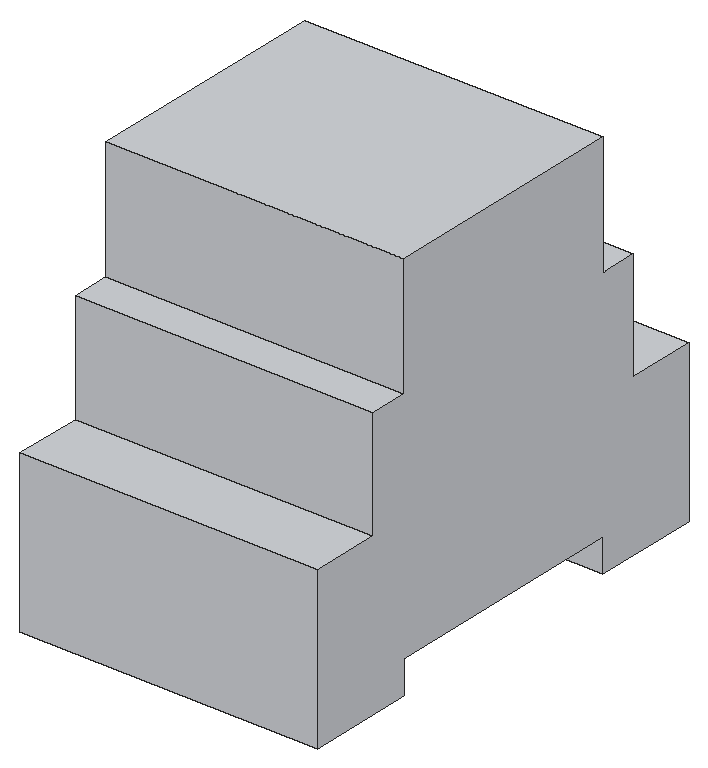
Revit family "Power-ModularDevices-GEWISS-90AM-TRANSFORMER_BELL_3M", category Apparecchi elettrici, host Superficie, Revit 2016
Family settings
  Host = Superficie
  Mantenere orientamento annotazione = Sì
  Tipo di parte = Normale
  Quota connettore circolare = Usa diametro
  Numero OmniClass = 23.80.50.00
  Titolo OmniClass = Terminals for Power Supply
  Taglio con vuoti quando caricato = No
  Condiviso = No
  Punto di calcolo locali = Sì
Parameters (values of type "GW96434 - BELL TRANSFORMER 40VA T.P.230V T.S.24V")
  potenza in watt = 0 V
  carico = Altro
  Version file RFA = "18.0"
  URL = "https://www.gewiss.com/ww/en"
  Technical sheet = "https://www.gewiss.com/ww/en/search?q=GW96434"
  Spostamento_x = -3300 mm
  Secondary voltage = "12+12=24 V"
  SS [instance] = 69.967 mm
  SIMBOLO IN PIANTA [instance] = yes
  SEO = "Transformer"
  Realized by GEWISS S.p.A. = ""
  Rated power: = "40 VA (24 V)/20 VA (12 V)"
  Default Elevation = 1219.2 mm
  Produttore = "GEWISS S.p.A."
  Primary voltage = "230V"
  Power = "40VA (24V)/20VA (12V)"
  Operation = "Intermittent"
  Numero di poli = 1
  Spost_x_eff [instance] = 4000 mm + Spostamento_x  # 700 mm
  No. of modules EN 50022 = "3"
  No. Chorus modules = "3"
  Modello = "GW96434"
  Immagine tipo = GW96433.jpg
  IFC.TypeObject = ""
  IFC.ExportType = ""
  IFC.ExportAs = ""
  IDT = "be1f04d5-2035-480f-a688-5e0ac10cfa0d"
  IDF = "4f95a082-cf0f-486c-8155-70e44cc748f8"
  Electrocod = "140"
  EAN code = "8011564063792"
  Descrizione = "BELL TRANSFORMER 40VA T.P.230V T.S.24V"
  Catalogue Range = "90 AM"
  Catalogue = "POWER"
  COBie.Tagnumber = ""
  COBie.CreatedOn = ""
  COBie.CreatebBy = ""
  COBie.ComponentRegisterItemID = ""
  COBie.Component.TagNumber = ""
  COBie.Component.Space = ""
  COBie.Component.SerialNumber = ""
  COBie.Component.InstallationDate = ""
  COBie.Component.Description = ""
  COBie.Component.BarCode = ""
  Barra_DIN = 0 mm
Types (5, lengths in mm): name | URL | Technical sheet | Secondary voltage | Rated power: | Produttore | Power | Modello | IDT | EAN code | Descrizione
  (no name) | 0 | "" | "" | "" | 0 | "" | 0 | "" | "" | 0
  GW96434 - BELL TRANSFORMER 40VA T.P.230V T.S.24V | "https://www.gewiss.com/ww/en" | "https://www.gewiss.com/ww/en/search?q=GW96434" | "12+12=24 V" | "40 VA (24 V)/20 VA (12 V)" | "GEWISS S.p.A." | "40VA (24V)/20VA (12V)" | "GW96434" | "be1f04d5-2035-480f-a688-5e0ac10cfa0d" | "8011564063792" | "BELL TRANSFORMER 40VA T.P.230V T.S.24V"
  GW96433 - BELL TRANSFORMER 40VA T.P.230V T.S.12V | "https://www.gewiss.com/ww/en" | "https://www.gewiss.com/ww/en/search?q=GW96433" | "4+8=12 V" | "40 VA (12 V)/27 VA (8 V)/13 VA (4 V)" | "GEWISS S.p.A." | "40VA (12V)/27VA (8V)/13VA (4V)" | "GW96433" | "ff3ecc4b-7e54-45da-9c81-de99f74337c9" | "8011564063785" | "BELL TRANSFORMER 40VA T.P.230V T.S.12V"
  GW96432 - BELL TRANSFORMER 30VA T.P.230V T.S.24V | "https://www.gewiss.com/ww/en" | "https://www.gewiss.com/ww/en/search?q=GW96432" | "12+12=24 V" | "30 VA (24 V)/15 VA (12 V)" | "GEWISS S.p.A." | "30VA (24V)/15VA (12V)" | "GW96432" | "235606ae-c058-4ad9-9cb9-4e1834d45e8e" | "8011564063778" | "BELL TRANSFORMER 30VA T.P.230V T.S.24V"
  GW96431 - BELL TRANSFORMER 30VA T.P.230V T.S.12V | "https://www.gewiss.com/ww/en" | "https://www.gewiss.com/ww/en/search?q=GW96431" | "4+8=12 V" | "30 VA (12 V)/20 VA (8 V)/10 VA (4 V)" | "GEWISS S.p.A." | "30VA (12V)/20VA (8V)/10VA (4V)" | "GW96431" | "f2592276-b03c-4901-82a8-845d0789b7b5" | "8011564063761" | "BELL TRANSFORMER 30VA T.P.230V T.S.12V"
Values of the unnamed type that differ from the named types
  Version file RFA = ""
  SEO = ""
  Primary voltage = ""
  Operation = ""
  No. of modules EN 50022 = ""
  No. Chorus modules = ""
  IDF = ""
  Electrocod = ""
  Catalogue Range = ""
  Catalogue = ""
Reference planes
  plane 1 "Centro (Fronte/Retro)": y = 0
  plane 2: z = 0
  plane 3 "Centro (Sinistra/Destra)": x = 0
  plane 4: z = 0
  plane 5: x = -700
  plane 6: x = 0
  plane 7: y = 69.967
Dimensions and locks
  "Barra_DIN": host face to plane 4
  "Spost_x_eff": plane 5 to plane 6
  "SS": plane 1 "Centro (Fronte/Retro)" to plane 7
  aligned and locked: plane 2 to host face
  aligned and locked: level to host face
  aligned and locked: plane 6 to nested 1
  aligned and locked: nested 1 to plane 7
  aligned and locked: plane 3 "Centro (Sinistra/Destra)" to nested 2
  aligned and locked: plane 1 "Centro (Fronte/Retro)" to nested 2
Automatic sketch dimensions
  host sketch curve to host sketch curve = 6519.2 mm
  host sketch curve to host sketch curve = 4328.142 mm
Nested families
  nested 1: "INTTRASF" at (0, 69.967, 0), visible <- "SIMBOLO IN PIANTA", type "INTTRASF"
  nested 2: "GENERICO - 90AM TRASFORMATORI X SUONERIE 3M" at (0, 0, 0), type "GENERICO - 90AM TRASFORMATORI X SUONERIE 3M"
Definition of nested family "GENERICO - 90AM TRASFORMATORI X SUONERIE 3M"
  Parameters (values of type "GENERICO - 90AM TRASFORMATORI X SUONERIE 3M")
    h_barra din = if(Altezza barre = 1 mm, 69.9 mm, if(Altezza barre = 2 mm, 115.8 mm, 0 mm))  # 0 mm
    TIPO = 15
    H = if(AB_O = 1, AB_V, if(AB_O = 2, AB_H, 50.8 mm))  # 50.8 mm
    Dist barra din = 0 mm  # constant formula
    C1 = 49 mm  # constant formula
    C = 65 mm  # constant formula
    B = 84 mm  # constant formula
    Altezza barre = 5 mm  # constant formula
    AB_V = 3 mm  # constant formula
    AB_H = 5 mm  # constant formula
    AB_O = 0  # constant formula
    A2 = 12.5 mm  # constant formula
    A = 36 mm  # constant formula
  Reference planes
    plane 1 "Centro (Fronte/Retro)": y = 0
    plane 2: z = 0
    plane 3 "Centro (Sinistra/Destra)": x = 0
    plane 4: y = -42
    plane 5: y = 42
    plane 6: z = 0
    plane 7: z = -6
    plane 8 "top": z = 65
    plane 9 "incasso": z = 43
    plane 10: y = -22.5
    plane 11: y = 22.5
    plane 12: x = -18
    plane 13: x = 18
    plane 14: through (4267.2, -42.5, 9) normal (0, -0.1901, 0.9818)
    plane 15 "retro": z = 23
    plane 16: y = -29.5
    plane 17: y = 29.5
  Forms (mm)
    Extrusion 1, solid
      sketch origin (0, 0, 0) x (0, 1, 0) y (0, 0, 1)
        loop
          line (-22.5, 0) -> (22.5, 0) -> (22.5, -6) -> (42, -6) -> (42, 23) -> (29.5, 23) -> (29.5, 43) -> (22.5, 43) -> (22.5, 65) -> (-22.5, 65) -> (-22.5, 43) -> (-29.5, 43) -> (-29.5, 23) -> (-42, 23) -> (-42, -6) -> (-22.5, -6) -> (-22.5, 0)
      from -27 to 27
  Lines and regions (mm)
    symbolic lines
      curve 1: line (0, 0, 15) -> (0, 0, -6)
      curve 2: line (0, -22.5, 0) -> (0, 22.5, 0)
    model lines, detail levels medium+fine
      curve 3: line (-22.655, -18.396, 65) -> (-22.655, -20.411, 65)
      curve 4: line (-22.655, -20.411, 65) -> (-23.33, -20.411, 65)
      curve 5: line (-23.33, -20.411, 65) -> (-23.722, -20.362, 65)
      curve 6: line (-23.722, -20.362, 65) -> (-24.201, -20.15, 65)
      curve 7: line (-24.201, -20.15, 65) -> (-24.582, -19.797, 65)
      curve 8: line (-24.582, -19.797, 65) -> (-24.834, -19.321, 65)
      curve 9: line (-24.834, -19.321, 65) -> (-24.912, -18.814, 65)
      curve 10: line (-24.912, -18.814, 65) -> (-24.836, -18.346, 65)
      curve 11: line (-24.836, -18.346, 65) -> (-24.634, -17.934, 65)
      curve 12: line (-24.634, -17.934, 65) -> (-24.271, -17.558, 65)
      curve 13: line (-24.271, -17.558, 65) -> (-23.831, -17.33, 65)
      curve 14: line (-23.831, -17.33, 65) -> (-23.337, -17.248, 65)
      curve 15: line (-23.337, -17.248, 65) -> (-22.655, -17.248, 65)
      curve 16: line (-22.655, -17.248, 65) -> (-22.655, -18.117, 65)
      curve 17: line (-22.655, -18.117, 65) -> (-23.802, -18.117, 65)
      curve 18: line (-23.802, -18.117, 65) -> (-23.802, -19.542, 65)
      curve 19: line (-23.802, -19.542, 65) -> (-23.523, -19.542, 65)
      curve 20: line (-23.523, -19.542, 65) -> (-23.523, -18.396, 65)
      curve 21: line (-23.523, -18.396, 65) -> (-22.655, -18.396, 65)
      curve 22: line (-19.926, -20.411, 65) -> (-22.377, -20.411, 65)
      curve 23: line (-22.377, -20.411, 65) -> (-22.377, -17.248, 65)
      curve 24: line (-22.377, -17.248, 65) -> (-21.073, -17.248, 65)
      curve 25: line (-21.073, -17.248, 65) -> (-21.073, -18.117, 65)
      curve 26: line (-21.073, -18.117, 65) -> (-21.508, -18.117, 65)
      curve 27: line (-21.508, -18.117, 65) -> (-21.508, -18.395, 65)
      curve 28: line (-21.508, -18.395, 65) -> (-19.927, -18.395, 65)
      curve 29: line (-19.927, -18.395, 65) -> (-19.927, -19.264, 65)
      curve 30: line (-19.927, -19.264, 65) -> (-21.508, -19.264, 65)
      curve 31: line (-21.508, -19.264, 65) -> (-21.508, -19.542, 65)
      curve 32: line (-21.508, -19.542, 65) -> (-19.926, -19.542, 65)
      curve 33: line (-19.926, -19.542, 65) -> (-19.926, -20.411, 65)
      curve 34: line (-15.495, -20.411, 65) -> (-15.495, -18.395, 65)
      curve 35: line (-15.495, -18.395, 65) -> (-16.364, -18.395, 65)
      curve 36: line (-16.364, -18.395, 65) -> (-16.364, -20.411, 65)
      curve 37: line (-16.364, -20.411, 65) -> (-15.495, -20.411, 65)
      curve 38: line (-18.406, -20.411, 65) -> (-18.145, -19.108, 65)
      curve 39: line (-18.145, -19.108, 65) -> (-17.884, -20.411, 65)
      curve 40: line (-17.884, -20.411, 65) -> (-17.015, -20.411, 65)
      curve 41: line (-17.015, -20.411, 65) -> (-16.477, -18.117, 65)
      curve 42: line (-16.477, -18.117, 65) -> (-15.495, -18.117, 65)
      curve 43: line (-15.495, -18.117, 65) -> (-15.495, -17.248, 65)
      curve 44: line (-15.495, -17.248, 65) -> (-17.163, -17.248, 65)
      curve 45: line (-17.163, -17.248, 65) -> (-17.476, -18.586, 65)
      curve 46: line (-17.476, -18.586, 65) -> (-17.693, -17.248, 65)
      curve 47: line (-17.693, -17.248, 65) -> (-18.597, -17.248, 65)
      curve 48: line (-18.597, -17.248, 65) -> (-18.814, -18.586, 65)
      curve 49: line (-18.814, -18.586, 65) -> (-19.127, -17.248, 65)
      curve 50: line (-19.127, -17.248, 65) -> (-20.795, -17.248, 65)
      curve 51: line (-20.795, -17.248, 65) -> (-20.795, -18.117, 65)
      curve 52: line (-20.795, -18.117, 65) -> (-19.813, -18.117, 65)
      curve 53: line (-19.813, -18.117, 65) -> (-19.276, -20.411, 65)
      curve 54: line (-19.276, -20.411, 65) -> (-18.406, -20.411, 65)
      curve 55: line (-12.766, -17.248, 65) -> (-15.217, -17.248, 65)
      curve 56: line (-15.217, -17.248, 65) -> (-15.217, -19.264, 65)
      curve 57: line (-15.217, -19.264, 65) -> (-13.635, -19.264, 65)
      curve 58: line (-13.635, -19.264, 65) -> (-13.635, -19.542, 65)
      curve 59: line (-13.635, -19.542, 65) -> (-15.217, -19.542, 65)
      curve 60: line (-15.217, -19.542, 65) -> (-15.217, -20.411, 65)
      curve 61: line (-15.217, -20.411, 65) -> (-12.766, -20.411, 65)
      curve 62: line (-12.766, -20.411, 65) -> (-12.766, -18.395, 65)
      curve 63: line (-12.766, -18.395, 65) -> (-14.348, -18.395, 65)
      curve 64: line (-14.348, -18.395, 65) -> (-14.348, -18.117, 65)
      curve 65: line (-14.348, -18.117, 65) -> (-12.766, -18.117, 65)
      curve 66: line (-12.766, -18.117, 65) -> (-12.766, -17.248, 65)
      curve 67: line (-12.488, -17.248, 65) -> (-12.488, -19.264, 65)
      curve 68: line (-12.488, -19.264, 65) -> (-11.013, -19.264, 65)
      curve 69: line (-11.013, -19.264, 65) -> (-11.013, -19.542, 65)
      curve 70: line (-11.013, -19.542, 65) -> (-12.488, -19.542, 65)
      curve 71: line (-12.488, -19.542, 65) -> (-12.488, -20.411, 65)
      curve 72: line (-12.488, -20.411, 65) -> (-11.619, -20.411, 65)
      curve 73: line (-11.619, -20.411, 65) -> (-11.117, -20.25, 65)
      curve 74: line (-11.117, -20.25, 65) -> (-10.794, -20.039, 65)
      curve 75: line (-10.794, -20.039, 65) -> (-10.423, -19.584, 65)
      curve 76: line (-10.423, -19.584, 65) -> (-10.25, -19.074, 65)
      curve 77: line (-10.25, -19.074, 65) -> (-10.245, -18.621, 65)
      curve 78: line (-10.245, -18.621, 65) -> (-10.292, -18.395, 65)
      curve 79: line (-10.292, -18.395, 65) -> (-11.619, -18.395, 65)
      curve 80: line (-11.619, -18.395, 65) -> (-11.619, -18.117, 65)
      curve 81: line (-11.619, -18.117, 65) -> (-10.411, -18.117, 65)
      curve 82: line (-10.411, -18.117, 65) -> (-10.568, -17.855, 65)
      curve 83: line (-10.568, -17.855, 65) -> (-10.794, -17.62, 65)
      curve 84: line (-10.794, -17.62, 65) -> (-11.108, -17.414, 65)
      curve 85: line (-11.108, -17.414, 65) -> (-11.437, -17.294, 65)
      curve 86: line (-11.437, -17.294, 65) -> (-11.806, -17.248, 65)
      curve 87: line (-11.806, -17.248, 65) -> (-12.488, -17.248, 65)
      curve 88: circle (-22.257, -35.192, 23) r 2.5 normal (0, 0, 1)
      curve 89: circle (-15.934, -35.192, 23) r 2.5 normal (0, 0, 1)
      curve 90: circle (-9.445, -35.192, 23) r 2.5 normal (0, 0, 1)
      curve 91: circle (-3.122, -35.192, 23) r 2.5 normal (0, 0, 1)
      curve 92: circle (-22.257, 35.774, 23) r 2.5 normal (0, 0, 1)
      curve 93: circle (-15.934, 35.774, 23) r 2.5 normal (0, 0, 1)
      curve 94: circle (-9.445, 35.774, 23) r 2.5 normal (0, 0, 1)
      curve 95: circle (-3.122, 35.774, 23) r 2.5 normal (0, 0, 1)
      curve 96: circle (3.163, -35.192, 23) r 2.5 normal (0, 0, 1)
      curve 97: circle (9.487, -35.192, 23) r 2.5 normal (0, 0, 1)
      curve 98: circle (15.976, -35.192, 23) r 2.5 normal (0, 0, 1)
      curve 99: circle (21.987, -35.192, 23) r 2.5 normal (0, 0, 1)
      curve 100: circle (3.163, 35.774, 23) r 2.5 normal (0, 0, 1)
      curve 101: circle (9.487, 35.774, 23) r 2.5 normal (0, 0, 1)
      curve 102: circle (15.976, 35.774, 23) r 2.5 normal (0, 0, 1)
      curve 103: circle (21.987, 35.774, 23) r 2.5 normal (0, 0, 1)
  Text (mm)
    text "AB_V" at (0, 50.868, 44.72), in view "Destra"
    text "AB_O" at (0, -80.659, 111.963), in view "Destra"
  Dimensions and locks
    equal spacing: plane 4, plane 1 "Centro (Fronte/Retro)", plane 5
    "B": plane 4 to plane 5
    "Dist barra din": plane 6 to level
    locked: plane 6 to plane 7 at 6
    "C": plane 8 "top" to plane 6
    equal spacing: plane 10, plane 1 "Centro (Fronte/Retro)", plane 11
    plane 10 to plane 11 = 45 mm
    equal spacing: plane 12, plane 3 "Centro (Sinistra/Destra)", plane 13
    "A": plane 12 to plane 13
    "C1": plane 9 "incasso" to plane 7
    "A2": plane 4 to plane 16
    "A2": plane 17 to plane 5
    angle level to plane 14 = 10.9557°
    angle plane 4 to plane 8 "top" = 90.00°
    aligned and locked: level to plane 2
    aligned and locked: Extrusion 1 sketch curve to plane 6
    aligned and locked: Extrusion 1 sketch curve to plane 7
    aligned and locked: Extrusion 1 sketch curve to plane 4
    aligned and locked: Extrusion 1 sketch curve to plane 11  (x2)
    aligned and locked: Extrusion 1 sketch curve to plane 10
    aligned and locked: plane 1 "Centro (Fronte/Retro)" to curve 1
    aligned and locked: Extrusion 1 to plane 6
    aligned and locked: plane 10 to Extrusion 1 sketch curve
    aligned and locked: Extrusion 1 sketch curve to plane 9 "incasso"
    aligned and locked: plane 9 "incasso" to Extrusion 1 sketch curve
    aligned and locked: Extrusion 1 sketch curve to plane 5
    aligned and locked: Extrusion 1 sketch curve to plane 16
    aligned and locked: Extrusion 1 sketch curve to plane 17
    aligned and locked: Extrusion 1 sketch curve to plane 15 "retro"
    aligned and locked: plane 15 "retro" to Extrusion 1 sketch curve
  Automatic sketch dimensions
    Extrusion 1 sketch curve to plane 7 = 0 mm
    Extrusion 1 sketch curve to plane 8 "top" = 0 mm
    curve 2 to level = 0 mm
    curve 2 to plane 10 = 0 mm
    curve 2 to plane 11 = 0 mm
    curve 1 to plane 7 = 0 mm
    plane 15 "retro" to curve 1 = 8 mm
    plane 10 to curve 87 = 5.252 mm
    curve 55 to curve 67 = 0 mm
    curve 46 to curve 55 = 0 mm
    curve 46 to curve 45 = 0 mm
    curve 25 to curve 47 = 0 mm
    curve 24 to curve 51 = 0 mm
    curve 16 to curve 23 = 0 mm
    curve 86 to curve 86 = 0.045 mm
    curve 14 to curve 13 = 0.081 mm
    curve 85 to curve 85 = 0.12 mm
    curve 13 to curve 13 = 0.228 mm
    curve 84 to curve 84 = 0.207 mm
    curve 83 to curve 83 = 0.234 mm
    curve 12 to plane 12 = 6.634 mm
    curve 12 to curve 12 = 0.376 mm
    curve 24 to curve 25 = 0.869 mm
    curve 25 to curve 52 = 0 mm
    curve 55 to curve 65 = 0.869 mm
    curve 44 to curve 41 = 0.869 mm
    curve 15 to curve 16 = 0.869 mm
    curve 82 to curve 82 = 0.263 mm
    curve 11 to plane 12 = 6.836 mm
    curve 12 to curve 11 = 0.412 mm
    curve 52 to curve 29 = 0.278 mm
    curve 64 to curve 64 = 0.278 mm
    curve 42 to curve 34 = 0.278 mm
    curve 81 to curve 78 = 0.278 mm
    curve 17 to curve 20 = 0.278 mm
    curve 52 to curve 48 = 0.469 mm
    curve 41 to curve 45 = 0.469 mm
    curve 78 to curve 78 = 0.225 mm
    curve 10 to plane 12 = 6.912 mm
    curve 10 to curve 10 = 0.468 mm
    curve 77 to curve 77 = 0.453 mm
    curve 48 to curve 39 = 0.521 mm
    curve 63 to curve 57 = 0.869 mm
    curve 62 to curve 67 = 0.869 mm
    curve 27 to curve 30 = 0.869 mm
    curve 9 to curve 8 = 0.507 mm
    curve 30 to curve 32 = 0.278 mm
    curve 56 to curve 60 = 0.278 mm
    curve 67 to curve 71 = 0.278 mm
    curve 8 to curve 18 = 0.222 mm
    curve 76 to curve 75 = 0.51 mm
    curve 8 to curve 8 = 0.476 mm
    curve 69 to curve 74 = 0.497 mm
    curve 7 to curve 6 = 0.353 mm
    curve 74 to curve 73 = 0.211 mm
    curve 6 to curve 5 = 0.212 mm
    curve 5 to curve 5 = 0.049 mm
    curve 73 to curve 73 = 0.161 mm
    curve 59 to curve 37 = 0.869 mm
    curve 41 to curve 36 = 0 mm
    curve 61 to curve 71 = 0 mm
    curve 3 to curve 22 = 0 mm
    curve 54 to curve 39 = 0 mm
    curve 9 to curve 9 = 0.078 mm
    curve 8 to curve 7 = 0.252 mm
    curve 11 to curve 13 = 0.363 mm
    curve 7 to curve 6 = 0.381 mm
    curve 12 to curve 13 = 0.439 mm
    curve 12 to curve 17 = 0.468 mm
    curve 6 to curve 5 = 0.479 mm
    curve 17 to curve 21 = 0.279 mm
    curve 13 to curve 14 = 0.494 mm
    curve 5 to curve 5 = 0.392 mm
    curve 4 to curve 3 = 0.675 mm
    curve 14 to curve 16 = 0.682 mm
    curve 3 to curve 23 = 0.278 mm
    curve 3 to curve 28 = 1.147 mm
    curve 27 to curve 31 = 0.001 mm
    curve 26 to curve 25 = 0.435 mm
    curve 25 to curve 52 = 0.278 mm
    curve 51 to curve 29 = 0.869 mm
    curve 29 to curve 32 = 0 mm
    curve 28 to curve 52 = 0.113 mm
    curve 22 to curve 53 = 0.651 mm
    curve 52 to curve 50 = 0.686 mm
    curve 52 to curve 48 = 0.999 mm
    curve 49 to curve 48 = 0.53 mm
    curve 53 to curve 38 = 0.87 mm
    curve 48 to curve 38 = 0.669 mm
    curve 38 to curve 40 = 0.521 mm
    curve 47 to curve 47 = 0.904 mm
    curve 38 to curve 45 = 0.669 mm
    curve 46 to curve 44 = 0.53 mm
    curve 39 to curve 40 = 0.869 mm
    curve 46 to curve 41 = 0.999 mm
    curve 41 to curve 36 = 0.113 mm
    curve 36 to curve 37 = 0.869 mm
    curve 43 to curve 34 = 0 mm
    curve 34 to curve 57 = 0.278 mm
    curve 60 to curve 56 = 0 mm
    curve 34 to curve 63 = 1.147 mm
    curve 63 to curve 59 = 0.713 mm
    curve 64 to curve 66 = 1.581 mm
    curve 58 to curve 61 = 0.869 mm
    curve 61 to curve 70 = 0.278 mm
    curve 68 to curve 70 = 0 mm
    curve 67 to curve 87 = 0.682 mm
    curve 71 to curve 72 = 0.869 mm
    curve 62 to curve 79 = 1.147 mm
    curve 86 to curve 85 = 0.369 mm
    curve 72 to curve 74 = 0.502 mm
    curve 85 to curve 84 = 0.329 mm
    curve 73 to curve 68 = 0.104 mm
    curve 84 to curve 83 = 0.315 mm
    curve 73 to curve 75 = 0.324 mm
    curve 83 to curve 82 = 0.226 mm
    curve 74 to curve 76 = 0.371 mm
    curve 82 to curve 82 = 0.157 mm
    curve 81 to curve 79 = 0.118 mm
    curve 75 to curve 76 = 0.172 mm
    curve 78 to curve 77 = 0.047 mm
    curve 89 to plane 3 "Centro (Sinistra/Destra)" = 15.934 mm
    curve 90 to plane 3 "Centro (Sinistra/Destra)" = 9.445 mm
    curve 91 to plane 13 = 21.122 mm
    plane 16 to curve 88 = 5.692 mm
    plane 16 to curve 91 = 5.692 mm
    plane 16 to curve 90 = 5.692 mm
    plane 16 to curve 89 = 5.692 mm
    curve 88 to plane 12 = 4.257 mm
    curve 92 to plane 12 = 4.257 mm
    curve 93 to plane 3 "Centro (Sinistra/Destra)" = 15.934 mm
    curve 94 to plane 3 "Centro (Sinistra/Destra)" = 9.445 mm
    curve 95 to plane 13 = 21.122 mm
    curve 93 to plane 5 = 6.226 mm
    curve 94 to plane 5 = 6.226 mm
    curve 95 to plane 5 = 6.226 mm
    curve 92 to plane 5 = 6.226 mm
    Extrusion 1 to curve 97 = 5.692 mm
    Extrusion 1 to curve 98 = 5.692 mm
    Extrusion 1 to curve 99 = 5.013 mm
    Extrusion 1 to curve 99 = 5.692 mm
    Extrusion 1 to curve 96 = 5.692 mm
    Extrusion 1 to curve 101 = 17.513 mm
    curve 101 to Extrusion 1 = 65.274 mm
    curve 101 to curve 102 = 0 mm
    Extrusion 1 to curve 103 = 5.013 mm
    curve 102 to curve 103 = 0 mm
    curve 100 to curve 101 = 0 mm
    Extrusion 1 to curve 98 = 11.024 mm
    Extrusion 1 to curve 102 = 11.024 mm
    curve 98 to curve 97 = 6.489 mm
    curve 101 to curve 100 = 6.323 mm
    curve 97 to curve 96 = 6.323 mm
    radius of curve 88 = 2.5 mm
    radius of curve 89 = 2.5 mm
    radius of curve 90 = 2.5 mm
    radius of curve 91 = 2.5 mm
    radius of curve 92 = 2.5 mm
    radius of curve 93 = 2.5 mm
    radius of curve 94 = 2.5 mm
    radius of curve 95 = 2.5 mm
    radius of curve 96 = 2.5 mm
    radius of curve 97 = 2.5 mm
    radius of curve 98 = 2.5 mm
    radius of curve 99 = 2.5 mm
    radius of curve 100 = 2.5 mm
    radius of curve 101 = 2.5 mm
    radius of curve 102 = 2.5 mm
    radius of curve 103 = 2.5 mm
Definition of nested family "INTTRASF"
  Reference planes
    plane 1: y = 0
    plane 2: x = 0
  Lines and regions (mm)
    detail lines, not visible
      curve 1: line (0, 0, 0) -> (-0.001, 3.334, 0)
      curve 2: line (0.277, 3.334, 0) -> (-0.278, 3.334, 0)
      curve 3: line (-0.278, 3.334, 0) -> (-0.001, 4.223, 0)
      curve 4: line (-0.001, 4.223, 0) -> (0.277, 3.334, 0)
      curve 5: line (0.277, 3.334, 0) -> (-0.001, 4.223, 0)
      curve 6: line (-0.001, 4.223, 0) -> (-0.278, 3.334, 0)
      curve 7: line (-0.278, 3.334, 0) -> (0.277, 3.334, 0)
      curve 8: line (0.277, 3.334, 0) -> (-0.001, 4.223, 0)
      curve 9: line (-0.001, 4.223, 0) -> (-0.278, 3.334, 0)
      curve 10: line (-0.445, 4.612, 0) -> (0.444, 4.612, 0)
      curve 11: line (0.444, 4.612, 0) -> (0.444, 2.39, 0)
      curve 12: line (0.444, 2.39, 0) -> (-0.445, 2.389, 0)
      curve 13: line (-0.445, 2.389, 0) -> (-0.445, 4.612, 0)
      curve 14: line (5.101, 5.36, 0) -> (5.101, 6.027, 0)
      curve 15: line (4.934, 5.36, 0) -> (5.268, 5.36, 0)
      curve 16: line (4.545, 5.249, 0) -> (5.101, 4.082, 0)
      curve 17: line (5.101, 4.082, 0) -> (5.101, 1.026, 0)
    detail lines
      curve 18: circle (-0.035, 2.652, 0) r 1.22 normal (0, 0, 1)
      curve 19: circle (-0.035, 4.511, 0) r 1.22 normal (0, 0, 1)
      curve 20: line (0, 6.691, 0) -> (0, 5.576, 0)
      curve 21: line (0, 1.432, 0) -> (0, 0, 0)
